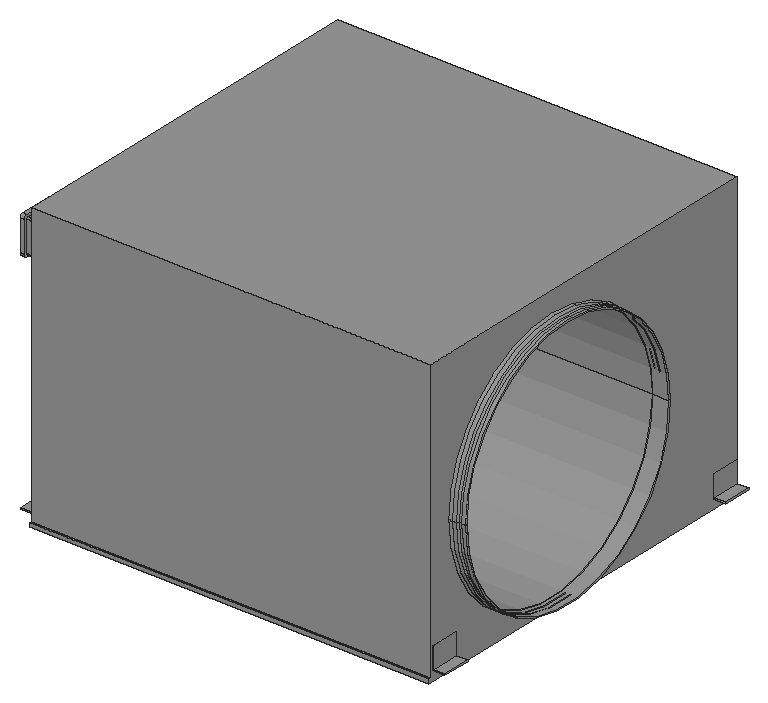
Revit family "IRE 630 C3 ErP AC_", category Mechanical Equipment, Revit 2014
Parameters (values of type "IRE 630 C3 ErP AC")
  Wiring diagram = "Y 4040004 / Δ 4040003"
  Width = 1067 mm
  Weight = 104.00 kg
  Voltage range = "380-415 V"
  Voltage = 400 V
  Speed = "890 rpm"
  Sound pressure level at 3 m = "45 dB(A)"
  Power = 2540 W
  Phase = 3
  Max. temperature of transported air when speed controlled = 60 °C
  Max. temperature of transported air = 75 °C
  Main Material = Steel, Galvanized
  Height = 703 mm
  Frequency = 50 Hz
  Elevation [instance] = 2600 mm
  Diameter = 630 mm
  Description = "Insulated duct fans with circular connections"
  Depth = 955 mm
  Current = 4.7 A
  Capacitor = "- μF"
Reference planes
  plane 1 "Center (Front/Back)": y = 0
  plane 2: z = 0
  plane 3 "Center (Left/Right)": x = 0
  plane 4: z = 2600
Dimensions and locks
  "Elevation": plane 4 to plane 2
  aligned and locked: level to plane 2
  aligned and locked: nested 1 to plane 4
  aligned and locked: plane 3 "Center (Left/Right)" to nested 1
  aligned and locked: plane 1 "Center (Front/Back)" to nested 1
  aligned and locked: nested 1 to nested 2  (x2)
Nested families
  nested 1: "IRE" at (0, 0, 2600), type "IRE"
  nested 2: "Flow direction symbol" at (0, 0, 0), type "Flow direction symbol"
Connectors
  hvac at (-533.5, -101.5, 2937), driven by "Diameter"
    settings: on nested 1, index 1, duct flow 0.0 L/s, flow factor 0, pres drop 0.0 Pa, loss coef 0, conn angle 0.00°, conn width 304.8 mm, conn height 304.8 mm, conn diameter 630 mm, duct sys type 1, conn prof type 0, flow config 0, flow direction 1, loss method 0, conn ref index -1, conn util no, is conn primary yes, conn desc ""
  electrical at (-533.5, -408, 3219.5), driven by "Phase", driven by "Voltage", driven by "Power"
    settings: on nested 1, index 2, voltage 400 V, apparent load 0 VA, apparent load phase1 2540 VA, apparent load phase2 0 VA, apparent load phase3 0 VA, power factor 1, load classification "HVAC", number of poles 3, system type 31, power factor state 1, is connector primary yes, connector utility no, sub classification motor no, connector description ""
  hvac at (533.5, -101.5, 2937), driven by "Diameter"
    settings: on nested 1, index 3, duct flow 0.0 L/s, flow factor 0, pres drop 0.0 Pa, loss coef 0, conn angle 0.00°, conn width 304.8 mm, conn height 304.8 mm, conn diameter 630 mm, duct sys type 3, conn prof type 0, flow config 0, flow direction 2, loss method 0, conn ref index -1, conn util no, is conn primary no, conn desc ""
Definition of nested family "IRE"
  Parameters (values of type "IRE")
    Width = 1067 mm
    Main Material = Steel, Galvanized
    Height = 703 mm
    Description = ""
    Depth = 955 mm
  Reference planes
    plane 1 "Center (Front/Back)": y = 0
    plane 2: z = 0
    plane 3 "Center (Left/Right)": x = 0
    plane 4: z = 703
    plane 5 "Horizontal Pipe Axis": z = 337
    plane 6: z = 10
    plane 7: z = 693
    plane 8: x = -492
    plane 9: x = 492
    plane 10: x = -533.5
    plane 11: x = 533.5
    plane 12: y = 477.5
    plane 13: y = -477.5
    plane 14 "Vertical Pipe Axis": y = -101.5
    plane 15: x = -523.5
  Forms (mm)
    Extrusion 1, solid, material "Steel, Galvanized" <- "Main Material", detail levels medium+fine
      sketch origin (0, 0, 0) x (0, 1, 0) y (0, 0, 1)
        loop
          line (-477.5, 0) -> (477.5, 0) -> (477.5, 10) -> (472.5, 10) -> (472.5, 11) -> (472.5, 703) -> (-472.5, 703) -> (-472.5, 10) -> (-477.5, 10) -> (-477.5, 0)
      from -492 to 492
    Extrusion 2, void
      sketch origin (0, 0, 0) x (0, 1, 0) y (0, 0, 1)
        loop
          circle (-101.5, 337) r 312.5
      from -809.837 to 685.981
    Extrusion 3, solid, material "Steel, Galvanized" <- "Main Material", detail levels coarse
      sketch origin (0, 0, 0) x (0, 1, 0) y (0, 0, 1)
        loop
          circle (-101.5, 337) r 315
      from 492 to 533.5
    Extrusion 4, solid, material "Steel, Galvanized" <- "Main Material", detail levels coarse
      sketch origin (0, 0, 0) x (0, 1, 0) y (0, 0, -1)
        loop
          circle (-101.5, -337) r 315
      from 492 to 533.5
    Revolve 5, solid, material "Steel, Galvanized" <- "Main Material", detail levels medium+fine
      sketch origin (0, 0, 337) x (-1, 0, 0) y (0, -1, 0)
        loop
          line (533.5, 101.5) -> (492, 101.5) -> (492, -214.125)
          arc (492, -214.125) -> (496.25, -216.125) -> (500.5, -214.125) r 5.516
          line (500.5, -214.125) -> (512.875, -214.125) -> (515.5, -211.5) -> (525.5, -211.5) -> (525.5, -213.5) -> (533.5, -213.5) -> (533.5, 101.5)
        axis (492, 101.5) -> (533.5, 101.5)
      angle from 0 to 360
    Extrusion 6, solid, material "Steel, Galvanized" <- "Main Material", detail levels coarse
      sketch origin (0, 0, 0) x (0, 1, 0) y (0, 0, 1)
        loop
          line (477.5, 703) -> (-477.5, 703) -> (-477.5, 0) -> (477.5, 0) -> (477.5, 703)
      from -492 to 492
    Sweep 7, solid, material "Plastic, Opaque White", detail levels medium+fine
      path origin (0, 0, 0) x (1, 0, 0) y (0, 1, 0)
        loop
          line (-523.5, 467.5) -> (-533.5, 467.5)
      profile origin (-528.5, 467.5, 0) x (0, -1, 0) y (0, 0, 1)
        loop
          arc (837.073, 666) -> (831.365, 663.635) -> (829, 657.927) r 8.073
          line (829, 657.927) -> (829, 581.073)
          arc (829, 581.073) -> (831.365, 575.365) -> (837.073, 573) r 8.073
          line (837.073, 573) -> (913.927, 573)
          arc (913.927, 573) -> (919.635, 575.365) -> (922, 581.073) r 8.073
          line (922, 581.073) -> (922, 657.927)
          arc (922, 657.927) -> (919.635, 663.635) -> (913.927, 666) r 8.073
          line (913.927, 666) -> (837.073, 666)
    Sweep 8, solid, material "Plastic, Opaque White", detail levels medium+fine
      path origin (0, 0, 0) x (1, 0, 0) y (0, 1, 0)
        loop
          line (-523.5, 426) -> (-492, 426)
      profile origin (-507.75, 426, 0) x (0, 1, 0) y (0, 0, 1)
        loop
          line (-795.573, 661) -> (-872.427, 661)
          arc (-872.427, 661) -> (-874.6, 660.1) -> (-875.5, 657.927) r 3.073
          line (-875.5, 657.927) -> (-875.5, 581.073)
          arc (-875.5, 581.073) -> (-874.6, 578.9) -> (-872.427, 578) r 3.073
          line (-872.427, 578) -> (-795.573, 578)
          arc (-795.573, 578) -> (-793.4, 578.9) -> (-792.5, 581.073) r 3.073
          line (-792.5, 581.073) -> (-792.5, 657.927)
          arc (-792.5, 657.927) -> (-793.4, 660.1) -> (-795.573, 661) r 3.073
    Revolve 9, solid, material "Steel, Galvanized" <- "Main Material", detail levels medium+fine
      sketch origin (0, 0, 337) x (1, 0, 0) y (0, -1, 0)
        loop
          line (533.5, 101.5) -> (492, 101.5) -> (492, -214.125)
          arc (492, -214.125) -> (496.25, -216.125) -> (500.5, -214.125) r 5.516
          line (500.5, -214.125) -> (512.875, -214.125) -> (515.5, -211.5) -> (525.5, -211.5) -> (525.5, -213.5) -> (533.5, -213.5) -> (533.5, 101.5)
        axis (492, 101.5) -> (533.5, 101.5)
      angle from 0 to 360
    Sweep 10, solid, material "Steel, Galvanized" <- "Main Material", detail levels medium+fine
      path origin (-492, 466.36, 1200) x (0, 1, 0) y (0, 0, 1)
        loop
          line (1.14, -1190) -> (-68.86, -1190)
      profile origin (-492, 432.5, 10) x (0, 0, -1) y (1, 0, 0)
        loop
          line (-15, -31.5) -> (-15, 0) -> (-70, 0) -> (-70, -3) -> (-18, -3) -> (-18, -31.5) -> (-15, -31.5)
    Sweep 11, solid, material "Steel, Galvanized" <- "Main Material", detail levels medium+fine
      path origin (-492, -466.36, 1200) x (0, -1, 0) y (0, 0, -1)
        loop
          line (1.14, 1190) -> (-68.86, 1190)
      profile origin (-492, -432.5, 10) x (0, 0, 1) y (1, 0, 0)
        loop
          line (15, -31.5) -> (18, -31.5) -> (18, -3) -> (70, -3) -> (70, 0) -> (15, 0) -> (15, -31.5)
    Sweep 12, solid, material "Steel, Galvanized" <- "Main Material", detail levels medium+fine
      path origin (492, 466.36, 1200) x (0, 1, 0) y (0, 0, 1)
        loop
          line (1.14, -1190) -> (-68.86, -1190)
      profile origin (492, 432.5, 10) x (0, 0, 1) y (-1, 0, 0)
        loop
          line (15, -31.5) -> (18, -31.5) -> (18, -3) -> (70, -3) -> (70, 0) -> (15, 0) -> (15, -31.5)
    Sweep 13, solid, material "Steel, Galvanized" <- "Main Material", detail levels medium+fine
      path origin (492, 466.36, 1200) x (0, 1, 0) y (0, 0, 1)
        loop
          line (-933.86, -1190) -> (-863.86, -1190)
      profile origin (492, -432.5, 10) x (0, 0, -1) y (-1, 0, 0)
        loop
          line (-15, -31.5) -> (-15, 0) -> (-70, 0) -> (-70, -3) -> (-18, -3) -> (-18, -31.5) -> (-15, -31.5)
  Cuts and joins
    Extrusion 2 cuts Extrusion 1
    joined: Sweep 7, Sweep 8
    Extrusion 2 cuts Revolve 5
    Extrusion 2 cuts Revolve 9
  Dimensions and locks
    equal spacing: plane 10, plane 3 "Center (Left/Right)", plane 11
    "Width": plane 10 to plane 11
    "Height": plane 4 to level
    locked: plane 4 to plane 7 at 10
    locked: plane 10 to plane 15 at 10
    locked: plane 10 to plane 8 at 41.5
    locked: plane 9 to plane 11 at 41.5
    "Depth": plane 13 to plane 12
    locked: plane 14 "Vertical Pipe Axis" to Revolve 5 sketch curve at 315
    locked: plane 14 "Vertical Pipe Axis" to Revolve 5 sketch curve at 313
    plane 14 "Vertical Pipe Axis" to Revolve 5 sketch curve = 315.625 mm
    locked: Revolve 9 sketch curve to plane 14 "Vertical Pipe Axis" at 315.625
    locked: Revolve 9 sketch curve to plane 14 "Vertical Pipe Axis" at 313
    locked: Revolve 9 sketch curve to plane 14 "Vertical Pipe Axis" at 315
    plane 12 to Sweep 10 sketch curve to Sweep 10 sketch curve = 10 mm locked, 70 mm locked
    equal spacing: plane 13, plane 1 "Center (Front/Back)", plane 12
    locked: Sweep 11 sketch curve to Sweep 11 sketch curve at 70
    locked: Sweep 11 sketch curve to plane 13 at 10
    locked: Sweep 12 sketch curve to Sweep 12 sketch curve at 70
    locked: Sweep 13 sketch curve to Sweep 13 sketch curve at 70
    locked: Sweep 13 sketch curve to plane 13 at 10
    locked: plane 12 to Sweep 12 sketch curve at 10
    plane 13 to plane 14 "Vertical Pipe Axis" = 376 mm
    plane 4 to plane 5 "Horizontal Pipe Axis" = 366 mm
    aligned and locked: level to plane 2
    aligned and locked: Extrusion 1 sketch curve to plane 13
    aligned and locked: plane 2 to Extrusion 1 sketch curve
    aligned and locked: Extrusion 1 sketch curve to plane 12
    aligned and locked: Extrusion 1 to plane 9
    aligned and locked: Extrusion 1 to plane 8
    aligned and locked: Extrusion 3 to plane 11
    aligned and locked: plane 9 to Extrusion 3
    aligned and locked: Extrusion 4 to plane 10
    aligned and locked: plane 8 to Extrusion 4
    aligned and locked: Extrusion 4 to plane 8
    aligned and locked: plane 4 to Extrusion 6 sketch curve
    aligned and locked: plane 12 to Extrusion 6 sketch curve
    aligned and locked: Extrusion 6 sketch curve to cut or joined group of Extrusion 1, Extrusion 2  (x2)
    aligned and locked: Extrusion 6 to plane 8
    aligned and locked: Extrusion 6 to plane 9
    aligned and locked: plane 10 to Sweep 7 sketch curve
    aligned and locked: plane 15 to Sweep 7 sketch curve
    aligned and locked: plane 8 to Sweep 8 sketch curve
    aligned and locked: plane 15 to Sweep 8 sketch curve
    aligned and locked: Revolve 5 sketch curve to plane 14 "Vertical Pipe Axis"  (x2)
    aligned and locked: plane 9 to Revolve 9 sketch curve
    aligned and locked: Revolve 9 sketch curve to plane 11
    aligned and locked: plane 14 "Vertical Pipe Axis" to Revolve 9 sketch curve  (x2)
    aligned and locked: plane 6 to Sweep 11 sketch curve
    aligned and locked: plane 6 to Sweep 13 sketch curve
    aligned and locked: Sweep 12 sketch curve to plane 6
  Automatic sketch dimensions
    Extrusion 1 sketch curve to plane 4 = 0 mm
    Extrusion 1 sketch curve to plane 6 = 0 mm  (x2)
    Extrusion 1 sketch curve to plane 13 = 5 mm
    Extrusion 1 sketch curve to plane 12 = 5 mm
    plane 6 to Extrusion 1 sketch curve = 1 mm
    Extrusion 2 sketch curve to plane 5 "Horizontal Pipe Axis" = 0 mm
    Extrusion 2 sketch curve to plane 14 "Vertical Pipe Axis" = 0 mm
    Extrusion 3 sketch curve to plane 5 "Horizontal Pipe Axis" = 0 mm
    Extrusion 3 sketch curve to plane 14 "Vertical Pipe Axis" = 0 mm
    Extrusion 4 sketch curve to plane 5 "Horizontal Pipe Axis" = 0 mm
    Extrusion 4 sketch curve to plane 14 "Vertical Pipe Axis" = 0 mm
    Revolve 5 sketch curve to plane 8 = 0 mm  (x2)
    Revolve 5 sketch curve to plane 10 = 0 mm
    Revolve 5 sketch curve to plane 8 = 4.25 mm
    Revolve 5 sketch curve to Revolve 5 sketch curve = 4.25 mm
    plane 15 to Revolve 5 sketch curve = 10.625 mm
    Revolve 5 sketch curve to Revolve 5 sketch curve = 2.625 mm
    Revolve 5 sketch curve to plane 15 = 2 mm
    Revolve 5 sketch curve to Revolve 5 sketch curve = 3.515 mm
    Revolve 5 sketch curve to Revolve 5 sketch curve = 93.5 mm
    Sweep 7 sketch curve to plane 12 = 10 mm
    Sweep 7 sketch curve to profile plane = 829 mm
    Sweep 7 sketch curve to Sweep 7 sketch curve = 8.073 mm  (x3)
    Sweep 7 sketch curve to Sweep 7 sketch curve = 76.854 mm  (x3)
    level to Sweep 7 sketch curve = 573 mm
    Sweep 8 sketch curve to plane 12 = 51.5 mm
    profile plane to Sweep 8 sketch curve = 875.5 mm
    Sweep 8 sketch curve to Sweep 8 sketch curve = 3.073 mm  (x3)
    Sweep 8 sketch curve to Sweep 8 sketch curve = 76.854 mm  (x2)
    Sweep 8 sketch curve to Sweep 8 sketch curve = 0 mm
    level to Sweep 8 sketch curve = 578 mm
    Revolve 9 sketch curve to plane 9 = 0 mm
    plane 9 to Revolve 9 sketch curve = 4.25 mm
    Revolve 9 sketch curve to Revolve 9 sketch curve = 4.25 mm
    Revolve 9 sketch curve to Revolve 9 sketch curve = 12.375 mm
    Revolve 9 sketch curve to Revolve 9 sketch curve = 2.625 mm
    Revolve 9 sketch curve to Revolve 9 sketch curve = 8 mm
    Revolve 9 sketch curve to Revolve 9 sketch curve = 3.515 mm
    plane 11 to Revolve 9 sketch curve = 93.5 mm
    Sweep 10 sketch curve to plane 6 = 0 mm
    Sweep 10 sketch curve to plane 8 = 0 mm
    profile plane to Sweep 10 sketch curve = 70 mm
    Sweep 10 sketch curve to plane 8 = 3 mm
    profile plane to Sweep 10 sketch curve = 18 mm
    Sweep 10 sketch curve to Sweep 10 sketch curve = 3 mm
    Sweep 10 sketch curve to Sweep 10 sketch curve = 28.5 mm
    Sweep 11 sketch curve to plane 8 = 0 mm
    Sweep 11 sketch curve to profile plane = 15 mm
    Sweep 11 sketch curve to Sweep 11 sketch curve = 3 mm
    Sweep 11 sketch curve to Sweep 11 sketch curve = 52 mm
    Sweep 11 sketch curve to plane 8 = 3 mm
    Sweep 11 sketch curve to Sweep 11 sketch curve = 28.5 mm
    profile plane to Sweep 12 sketch curve = 0 mm
    Sweep 12 sketch curve to profile plane = 15 mm
    Sweep 12 sketch curve to Sweep 12 sketch curve = 3 mm  (x2)
    Sweep 12 sketch curve to Sweep 12 sketch curve = 52 mm
    Sweep 12 sketch curve to Sweep 12 sketch curve = 28.5 mm
    profile plane to Sweep 13 sketch curve = 0 mm
    profile plane to Sweep 13 sketch curve = 70 mm
    Sweep 13 sketch curve to profile plane = 3 mm
    profile plane to Sweep 13 sketch curve = 18 mm
    Sweep 13 sketch curve to Sweep 13 sketch curve = 3 mm
    Sweep 13 sketch curve to Sweep 13 sketch curve = 28.5 mm
    radius of Extrusion 2 sketch curve = 312.5 mm
    radius of Extrusion 3 sketch curve = 315 mm
    radius of Extrusion 4 sketch curve = 315 mm
Definition of nested family "Flow direction symbol"
  Parameters (values of type "Flow direction symbol")
    Warning = "!"
    Text = "DIMENSIONS OVERCONSTRAINT"
  Reference planes
    plane 1: y = 0
    plane 2: x = 0
  Lines and regions (mm)
    detail lines
      curve 1: line (-0.506, 0.877, 0) -> (-0.506, -0.877, 0)
      curve 2: line (1.012, 0, 0) -> (-0.506, -0.877, 0)
      curve 3: line (-0.506, 0.877, 0) -> (1.012, 0, 0)
      curve 4: circle (0, 0, 0) r 1 normal (0, 0, 1)
